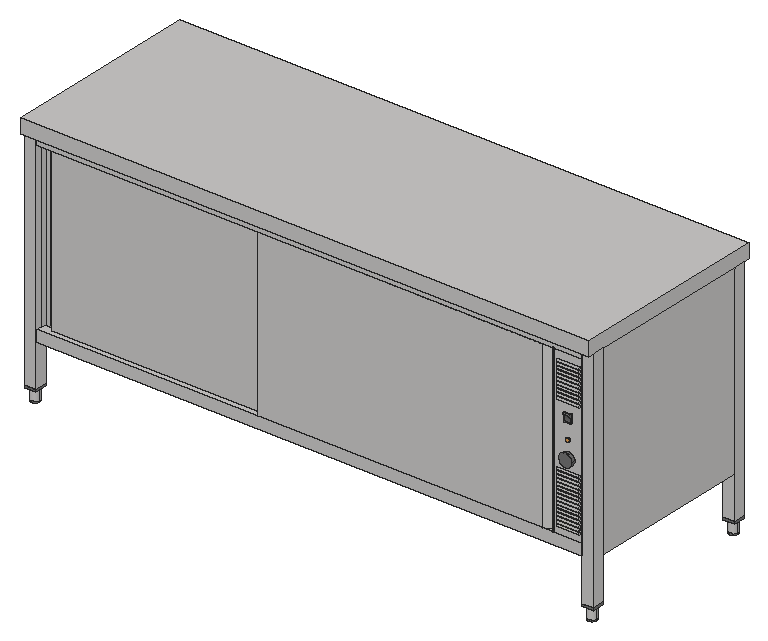
Revit family "QF_ELECTROLUXPROFESSIONAL_134049_GTC2000E", category Attrezzature speciali, Revit 2020
Family settings
  Quota connettore circolare = Usa diametro
  Tipo di parte = Normale
  Basato su piano di lavoro = No
  Sempre verticale = Sì
  Taglio con vuoti quando caricato = No
  Condiviso = No
  Punto di calcolo locali = No
Parameters (values of type "Standard")
  Weight = 108.00 kg
  Watts = 2530 W
  Volts = 220 V
  URL Manufacturer = "https://www.electroluxprofessional.com/"
  URL = "https://www.electroluxprofessional.com/"
  Steam Supply Size = 0 mm
  Steam Supply Minimum Pressure = 0.0 Pa
  Steam Supply Maximum Pressure = 0.0 Pa
  Steam Consumption per Hour = 0
  Refrigeration Suction Line Size = 0.0 mm
  Refrigeration Liquid Line Size = 0.0 mm
  Refrigerant Compressor Remote = yes
  Prospetto di default = 0.0 mm
  Produttore = "Electrolux Professional"
  Phase = 1
  Modello = "GTC2000E"
  Length Actual = 2000.0 mm  # constant formula
  Item Number = "134049"
  Hot Water Size = 0 mm
  Height Actual = 900.0 mm  # constant formula
  HP = "3.4 HP"
  Gas Size = 0 mm
  Gas KW = 0
  Gas Input Pressure = 0 W
  Direct Waste Size = 0 mm
  Descrizione = "HOT CUPBOARD 2000 MM"
  Depth Actual = 700.0 mm  # constant formula
  Cycle = 50 Hz
  Condensate Return Size = 0 mm
  Compressed Air Volume = 0.0 L/s
  Compressed Air Size = 0 mm
  Compressed Air Pressure = 0.0 Pa
  Cold Water Size = 0 mm
  Accessory = yes
Reference planes
  plane 1 "Center (Front/Back)": y = 0
  plane 2: z = 0
  plane 3 "Center (Left/Right)": x = -500
  plane 4 "LEFT": x = -1500
  plane 5 "RIGHT": x = 500
  plane 6 "BACK": y = 350
  plane 7 "FRONT": y = -350
  plane 8 "Base": z = 850
  plane 9 "TOP": z = 900
  plane 10: x = -1480
  plane 11: x = 480
  plane 12: y = 310
  plane 13: y = -310
  plane 14 "BodyLeft": x = -1500
  plane 15 "BodyFront": y = -330
  plane 16 "BodyRight": x = 500
  plane 17 "BodyBack": y = 330
  plane 18 "FEET": z = 200
  plane 19: x = -420
  plane 20: x = -680
  plane 21 "AxeSlideDoor": x = -550
  plane 22: x = 360
  plane 23: x = 410
  plane 24: y = -160
Forms (mm)
  Extrusion 1, solid, material "QF_Finishes_Stainless Steel"
    sketch origin (-500, 0, 0) x (0, 1, 0) y (0, 0, 1)
      loop
        line (-350, 850) -> (350, 850) -> (350, 900) -> (-350, 900) -> (-350, 850)
    from 1000 to -1000
  Extrusion 2, solid, material "QF_Finishes_Stainless Steel"
    sketch origin (0, 0, 200) x (-1, 0, 0) y (0, -1, 0)
      loop
        line (1500, -290) -> (1500, 290) -> (1460, 290) -> (1460, -290) -> (1500, -290)
      loop
        line (-460, -290) -> (-460, 290) -> (-500, 290) -> (-500, -290) -> (-460, -290)
    from 0 to 650
  Extrusion 3, solid, material "QF_Finishes_Stainless Steel"
    sketch origin (0, 0, 200) x (-1, 0, 0) y (0, -1, 0)
      loop
        line (1460, -290) -> (1460, 330) -> (-460, 330) -> (-460, -290) -> (1460, -290)
    from 0 to 40
  Extrusion 4, solid, material "QF_Finishes_Stainless Steel"
    sketch origin (0, 0, 200) x (-1, 0, 0) y (0, -1, 0)
      loop
        line (1460, -290) -> (-460, -290) -> (-460, -330) -> (1460, -330) -> (1460, -290)
    from 0 to 650
  Extrusion 5, solid, material "QF_Finishes_Stainless Steel"
    sketch origin (0, 0, 200) x (-1, 0, 0) y (0, -1, 0)
      loop
        line (-360, 330) -> (-360, 310) -> (680, 310) -> (680, 330) -> (-320, 330) -> (-340, 315) -> (-355, 315) -> (-355, 330) -> (-360, 330)
    from 40 to 620
  Extrusion 6, solid, material "QF_Finishes_Stainless Steel"
    sketch origin (0, 20, 200) x (1, 0, 0) y (0, 1, 0)
      loop
        line (-1460, -330) -> (-1455, -330) -> (-1455, -315) -> (-1440, -315) -> (-1420, -330) -> (-420, -330) -> (-420, -310) -> (-1460, -310) -> (-1460, -330)
    from 40 to 620
  Extrusion 7, solid, material "QF_Finishes_Stainless Steel"
    sketch origin (0, 0, 200) x (-1, 0, 0) y (0, -1, 0)
      loop
        line (1460, 290) -> (-460, 290) -> (-460, -290) -> (1460, -290) -> (1460, 290)
    from 350 to 390
  Extrusion 8, solid, material "QF_Finishes_Stainless Steel"
    sketch origin (0, 0, 200) x (-1, 0, 0) y (0, -1, 0)
      loop
        line (1460, 330) -> (-460, 330) -> (-460, -310) -> (1460, -310) -> (1460, 330)
    from 620 to 650
  Extrusion 9, solid, material "QF_Finishes_Stainless Steel"
    sketch origin (0, 0, 200) x (-1, 0, 0) y (0, -1, 0)
      loop
        circle (-410, 160) r 10
    from 0 to -5
Lines and regions (mm)
  symbolic lines
    curve 1: line (500, 350, 900) -> (-1500, 350, 900)
    curve 2: line (-1500, 350, 900) -> (-1500, -350, 900)
    curve 3: line (-1500, -350, 900) -> (500, -350, 900)
    curve 4: line (500, -350, 900) -> (500, 350, 900)
  symbolic lines, style "SpecialityEquipmentHiddenLines"
    curve 5: line (-1500, 330, 200) -> (500, 330, 200)
    curve 6: line (-1500, -330, 200) -> (-1500, 330, 200)
    curve 7: line (500, -330, 200) -> (-1500, -330, 200)
    curve 8: line (500, 330, 200) -> (500, -330, 200)
    curve 9: line (-1460, -290, 200) -> (-420, -290, 200)
    curve 10: line (-420, -290, 200) -> (-420, -310, 200)
    curve 11: line (-1460, -310, 200) -> (360, -310, 200)
    curve 12: line (360, -310, 200) -> (360, -330, 200)
    curve 13: line (-680, -310, 200) -> (-680, -330, 200)
    curve 14: line (-1460, -290, 200) -> (-1460, -310, 200)
Dimensions and locks
  plane 4 "LEFT" to plane 5 "RIGHT" = 2000.0 mm
  equal spacing: plane 4 "LEFT", plane 3 "Center (Left/Right)", plane 5 "RIGHT"
  locked: plane 8 "Base" to level at 850
  plane 9 "TOP" to level = 900.0 mm
  plane 6 "BACK" to plane 7 "FRONT" = 700.0 mm
  equal spacing: plane 6 "BACK", plane 1 "Center (Front/Back)", plane 7 "FRONT"
  locked: plane 4 "LEFT" to plane 14 "BodyLeft"
  locked: plane 16 "BodyRight" to plane 5 "RIGHT"
  locked: plane 15 "BodyFront" to plane 7 "FRONT" at 20
  locked: plane 6 "BACK" to plane 17 "BodyBack" at 20
  locked: plane 14 "BodyLeft" to plane 10 at 20
  locked: plane 11 to plane 16 "BodyRight" at 20
  locked: plane 13 to plane 15 "BodyFront" at 20
  locked: plane 17 "BodyBack" to plane 12 at 20
  plane 10 to plane 11 = 1960.0 mm
  plane 12 to plane 13 = 620.0 mm
  locked: plane 14 "BodyLeft" to Extrusion 2 sketch curve at 40
  Extrusion 2 sketch curve to Extrusion 2 sketch curve = 40.0 mm
  locked: plane 18 "FEET" to plane 2 at 200
  plane 22 to plane 5 "RIGHT" = 140.0 mm
  equal spacing: Extrusion 2, plane 21 "AxeSlideDoor", plane 22
  locked: plane 20 to plane 21 "AxeSlideDoor" at 130
  locked: plane 21 "AxeSlideDoor" to plane 19 at 130
  plane 24 to plane 7 "FRONT" = 190.0 mm
  plane 23 to plane 16 "BodyRight" = 90.0 mm
  aligned and locked: level to plane 2
  aligned and locked: plane 10 to nested 1
  aligned and locked: nested 1 to plane 13
  aligned and locked: plane 11 to nested 2
  aligned and locked: nested 2 to plane 13
  aligned and locked: plane 11 to nested 4
  aligned and locked: nested 4 to plane 12
  aligned and locked: plane 10 to nested 3
  aligned and locked: nested 3 to plane 12
  aligned and locked: Extrusion 1 to plane 4 "LEFT"
  aligned and locked: plane 5 "RIGHT" to Extrusion 1
  aligned and locked: curve 2 to plane 4 "LEFT"
  aligned and locked: Extrusion 2 sketch curve to plane 14 "BodyLeft"
  aligned and locked: plane 16 "BodyRight" to Extrusion 2 sketch curve
  aligned and locked: plane 8 "Base" to Extrusion 2
  aligned and locked: Extrusion 5 to Extrusion 3
  aligned and locked: Extrusion 6 sketch curve to plane 19
  aligned and locked: Extrusion 5 sketch curve to plane 20
  aligned and locked: Extrusion 1 to plane 8 "Base"
  aligned and locked: plane 9 "TOP" to Extrusion 1
  aligned and locked: curve 5 to plane 17 "BodyBack"
  aligned and locked: plane 14 "BodyLeft" to curve 6
  aligned and locked: plane 15 "BodyFront" to curve 7
  aligned and locked: plane 16 "BodyRight" to curve 8
  aligned and locked: Extrusion 3 sketch curve to Extrusion 2  (x2)
  aligned and locked: Extrusion 2 to Extrusion 4 sketch curve  (x2)
  aligned and locked: curve 7 to Extrusion 3 sketch curve
  aligned and locked: Extrusion 3 sketch curve to Extrusion 4
  aligned and locked: Extrusion 4 to plane 18 "FEET"
  aligned and locked: plane 22 to Extrusion 5 sketch curve
  aligned and locked: nested 5 to Extrusion 2
  aligned and locked: nested 5 to Extrusion 3
  aligned and locked: Extrusion 8 sketch curve to plane 15 "BodyFront"
  aligned and locked: plane 12 to Extrusion 8 sketch curve
  aligned and locked: curve 12 to plane 22
Automatic sketch dimensions
  curve 3 to plane 5 "RIGHT" = 0.0 mm
  curve 3 to plane 7 "FRONT" = 0.0 mm
  curve 2 to plane 6 "BACK" = 0.0 mm
  Extrusion 1 sketch curve to plane 7 "FRONT" = 0.0 mm
  Extrusion 1 sketch curve to plane 6 "BACK" = 0.0 mm
  Extrusion 1 sketch curve to plane 8 "Base" = 0.0 mm
  Extrusion 1 sketch curve to plane 9 "TOP" = 0.0 mm
  Extrusion 2 sketch curve to plane 12 = 20.0 mm  (x2)
  plane 13 to Extrusion 2 sketch curve = 20.0 mm  (x2)
  Extrusion 4 sketch curve to plane 17 "BodyBack" = 0.0 mm
  Extrusion 4 sketch curve to plane 12 = 20.0 mm
  Extrusion 5 sketch curve to plane 15 "BodyFront" = 0.0 mm  (x2)
  Extrusion 5 sketch curve to plane 13 = 0.0 mm
  Extrusion 5 sketch curve to plane 22 = 5.0 mm
  Extrusion 5 sketch curve to plane 13 = 5.0 mm
  Extrusion 5 sketch curve to Extrusion 5 sketch curve = 15.0 mm
  Extrusion 5 sketch curve to Extrusion 5 sketch curve = 20.0 mm
  Extrusion 6 sketch curve to plane 13 = 0.0 mm  (x2)
  Extrusion 6 sketch curve to plane 10 = 60.0 mm
  Extrusion 6 sketch curve to plane 13 = 15.0 mm
  Extrusion 6 sketch curve to Extrusion 6 sketch curve = 20.0 mm  (x2)
  Extrusion 6 sketch curve to Extrusion 6 sketch curve = 15.0 mm
  Extrusion 6 sketch curve to Extrusion 6 sketch curve = 5.0 mm
  curve 11 to plane 13 = 0.0 mm
  curve 10 to plane 19 = 0.0 mm
  curve 13 to plane 20 = 0.0 mm
  plane 10 to curve 11 = 20.0 mm
  plane 13 to curve 9 = 20.0 mm
  Extrusion 7 sketch curve to plane 11 = 20.0 mm
  plane 10 to Extrusion 7 sketch curve = 20.0 mm
  Extrusion 7 sketch curve to plane 12 = 20.0 mm
  plane 13 to Extrusion 7 sketch curve = 20.0 mm
  Extrusion 8 sketch curve to plane 11 = 20.0 mm
  plane 10 to Extrusion 8 sketch curve = 20.0 mm
  Extrusion 9 sketch curve to plane 23 = 0.0 mm
  Extrusion 9 sketch curve to plane 24 = 0.0 mm
  radius of Extrusion 9 sketch curve = 10.0 mm
Nested families
  nested 1: "FEET_40x40_APP50" at (-1480, -310, 0), type "FEET_40x40_APP50"
  nested 2: "FEET_40x40_APP50" at (480, -310, 0), type "FEET_40x40_APP50"
  nested 3: "FEET_40x40_APP50" at (-1480, 310, 0), type "FEET_40x40_APP50"
  nested 4: "FEET_40x40_APP50" at (480, 310, 0), type "FEET_40x40_APP50"
  nested 5: "WT_PNL100x580" at (546.92, -290, 605) x (1, 0, 0) z (0, -1, 0), type "WT_PNL100x580"
    with Show Logo yes
Connectors
  electrical at (410, -160, 195)
    settings: on Extrusion 9, index 1, voltage 0 V, apparent load 0 VA, apparent load phase1 0 VA, apparent load phase2 0 VA, apparent load phase3 0 VA, power factor 1, load classification "Other", number of poles 1, system type 30, power factor state 1, is connector primary yes, connector utility no, sub classification motor no, connector description "Electrical connection"
Definition of nested family "FEET_40x40_APP50"
  Parameters
    Default Elevation = 0.0 mm
    FEET = 850.0 mm
  Reference planes
    plane 1 "Center (Front/Back)": y = 0
    plane 2: z = 0
    plane 3 "Center (Left/Right)": x = 0
    plane 4: z = 850
  Forms (mm)
    Extrusion 1, solid
      sketch origin (0, 0, 0) x (1, 0, 0) y (0, 1, 0)
        loop
          line (-20, -20) -> (20, -20) -> (20, 20) -> (-20, 20) -> (-20, -20)
      from 50 to 850
    Extrusion 2, solid
      sketch origin (0, 0, 0) x (1, 0, 0) y (0, 1, 0)
        loop
          circle (0, 0) r 15
      from 0 to 5
    Extrusion 3, solid
      sketch origin (0, 0, 0) x (1, 0, 0) y (0, 1, 0)
        loop
          line (-20, -20) -> (20, -20) -> (20, 20) -> (-20, 20) -> (-20, -20)
      from 50 to 42
    Extrusion 4, solid
      sketch origin (0, 0, 0) x (1, 0, 0) y (0, 1, 0)
        loop
          circle (0, 0) r 15
      from 5 to 42
  Lines and regions (mm)
    symbolic lines
      curve 1: line (0, -1.503, 0) -> (0, 1.508, 0)
      curve 2: line (1.561, 0, 0) -> (-1.439, 0, 0)
  Dimensions and locks
    "FEET": plane 4 to plane 2
    aligned and locked: level to plane 2
  Automatic sketch dimensions
    plane 1 "Center (Front/Back)" to curve 2 = 0.0 mm
    curve 1 to plane 3 "Center (Left/Right)" = 0.0 mm
    curve 2 to plane 3 "Center (Left/Right)" = 1.439 mm
    plane 3 "Center (Left/Right)" to curve 2 = 1.561 mm
    plane 1 "Center (Front/Back)" to curve 1 = 1.503 mm
    curve 1 to plane 1 "Center (Front/Back)" = 1.508 mm
    Extrusion 1 sketch curve to plane 3 "Center (Left/Right)" = 20.0 mm
    plane 3 "Center (Left/Right)" to Extrusion 1 sketch curve = 20.0 mm
    plane 1 "Center (Front/Back)" to Extrusion 1 sketch curve = 20.0 mm
    Extrusion 1 sketch curve to plane 1 "Center (Front/Back)" = 20.0 mm
    plane 1 "Center (Front/Back)" to Extrusion 2 sketch curve = 0.0 mm
    Extrusion 2 sketch curve to plane 3 "Center (Left/Right)" = 0.0 mm
    Extrusion 3 sketch curve to plane 3 "Center (Left/Right)" = 20.0 mm
    plane 3 "Center (Left/Right)" to Extrusion 3 sketch curve = 20.0 mm
    plane 1 "Center (Front/Back)" to Extrusion 3 sketch curve = 20.0 mm
    Extrusion 3 sketch curve to plane 1 "Center (Front/Back)" = 20.0 mm
    plane 1 "Center (Front/Back)" to Extrusion 4 sketch curve = 0.0 mm
    Extrusion 4 sketch curve to plane 3 "Center (Left/Right)" = 0.0 mm
    radius of Extrusion 2 sketch curve = 15.0 mm
    radius of Extrusion 4 sketch curve = 15.0 mm
Definition of nested family "WT_PNL100x580"
  Parameters
    Show Logo [instance] = yes
    Default Elevation = 1219.2 mm
  Reference planes
    plane 1 "Center (Front/Back)": y = -75
    plane 2: z = 0
    plane 3 "Center (Left/Right)": x = -136.92
    plane 4: x = -186.92
    plane 5: x = -86.92
    plane 6 "TOP": z = 40
  Forms (mm)
    Extrusion 1, solid
      sketch origin (0, 0, 0) x (1, 0, 0) y (0, 1, 0)
        loop
          line (-1219.2, 1219.2) -> (-1219.2, -1219.2) -> (1219.2, -1219.2) -> (1219.2, 1219.2) -> (-1219.2, 1219.2)
      from 0 to -304.8
    Extrusion 2, solid
      sketch origin (0, 35, 0) x (1, 0, 0) y (0, 1, 0)
        loop
          line (-186.92, 180) -> (-186.92, -400) -> (-86.92, -400) -> (-86.92, 180) -> (-186.92, 180)
      from 0 to 40
    Extrusion 3, solid
      sketch origin (0, 35, 40) x (-1, 0, 0) y (0, -1, 0)
        loop
          circle (136.92, 151.711) r 22.964
      from 0 to 11.071
    Extrusion 4, solid
      sketch origin (-136.92, 35, 0) x (0, 1, 0) y (0, 0, 1)
        loop
          line (95.896, 40) -> (104.899, 40) -> (95.896, 41.206) -> (95.896, 40)
        loop
          line (107.896, 40) -> (116.899, 40) -> (107.896, 41.206) -> (107.896, 40)
        loop
          line (119.896, 40) -> (128.899, 40) -> (119.896, 41.206) -> (119.896, 40)
        loop
          line (131.896, 40) -> (140.899, 40) -> (131.896, 41.206) -> (131.896, 40)
        loop
          line (143.896, 40) -> (152.899, 40) -> (143.896, 41.206) -> (143.896, 40)
        loop
          line (-246.104, 40) -> (-237.101, 40) -> (-246.104, 41.206) -> (-246.104, 40)
        loop
          line (-234.104, 40) -> (-225.101, 40) -> (-234.104, 41.206) -> (-234.104, 40)
        loop
          line (-222.104, 40) -> (-213.101, 40) -> (-222.104, 41.206) -> (-222.104, 40)
        loop
          line (-210.104, 40) -> (-201.101, 40) -> (-210.104, 41.206) -> (-210.104, 40)
        loop
          line (-198.104, 40) -> (-189.101, 40) -> (-198.104, 41.206) -> (-198.104, 40)
        loop
          line (-318.104, 40) -> (-309.101, 40) -> (-318.104, 41.206) -> (-318.104, 40)
        loop
          line (-306.104, 40) -> (-297.101, 40) -> (-306.104, 41.206) -> (-306.104, 40)
        loop
          line (-294.104, 40) -> (-285.101, 40) -> (-294.104, 41.206) -> (-294.104, 40)
        loop
          line (-282.104, 40) -> (-273.101, 40) -> (-282.104, 41.206) -> (-282.104, 40)
        loop
          line (-270.104, 40) -> (-261.101, 40) -> (-270.104, 41.206) -> (-270.104, 40)
        loop
          line (-258.104, 40) -> (-249.101, 40) -> (-258.104, 41.206) -> (-258.104, 40)
        loop
          line (-366.104, 40) -> (-357.101, 40) -> (-366.104, 41.206) -> (-366.104, 40)
        loop
          line (-354.104, 40) -> (-345.101, 40) -> (-354.104, 41.206) -> (-354.104, 40)
        loop
          line (-342.104, 40) -> (-333.101, 40) -> (-342.104, 41.206) -> (-342.104, 40)
        loop
          line (-330.104, 40) -> (-321.101, 40) -> (-330.104, 41.206) -> (-330.104, 40)
        loop
          line (-378.104, 40) -> (-369.101, 40) -> (-378.104, 41.206) -> (-378.104, 40)
        loop
          line (23.896, 40) -> (32.899, 40) -> (23.896, 41.206) -> (23.896, 40)
        loop
          line (35.896, 40) -> (44.899, 40) -> (35.896, 41.206) -> (35.896, 40)
        loop
          line (47.896, 40) -> (56.899, 40) -> (47.896, 41.206) -> (47.896, 40)
        loop
          line (59.896, 40) -> (68.899, 40) -> (59.896, 41.206) -> (59.896, 40)
        loop
          line (71.896, 40) -> (80.899, 40) -> (71.896, 41.206) -> (71.896, 40)
        loop
          line (83.896, 40) -> (92.899, 40) -> (83.896, 41.206) -> (83.896, 40)
      from -40 to 40
    Extrusion 5, solid
      sketch origin (0, -5, 40) x (-1, 0, 0) y (0, -1, 0)
        loop
          line (123.92, -32.89) -> (149.92, -32.89) -> (149.92, -1.89) -> (123.92, -1.89) -> (123.92, -32.89)
        loop
          line (148.92, -31.89) -> (148.92, -2.89) -> (124.92, -2.89) -> (124.92, -31.89) -> (148.92, -31.89)
      from 0 to 1.6
    Extrusion 6, solid
      sketch origin (0, 95, 40) x (-1, 0, 0) y (0, -1, 0)
        loop
          circle (136.92, 151.711) r 7
      from 0 to 1.6
    Extrusion 7, solid
      sketch origin (-136.92, 35, 0) x (0, 1, 0) y (0, 0, 1)
        loop
          line (-37.11, 38) -> (-8.11, 38) -> (-8.11, 41.206)
          arc (-8.11, 41.206) -> (-8.756, 45.488) -> (-10.639, 49.389) r 14.5
          arc (-10.639, 49.389) -> (-23.172, 43.026) -> (-37.11, 41.206) r 41.552
          line (-37.11, 41.206) -> (-37.11, 38)
      from -12 to 12
  Dimensions and locks
    equal spacing: plane 4, plane 3 "Center (Left/Right)", plane 5
    plane 6 "TOP" to level = 40.0 mm
    Extrusion 2 to Extrusion 2 = 580.0 mm
    plane 4 to plane 5 = 100.0 mm
    aligned and locked: plane 2 to Extrusion 1
    aligned and locked: level to Extrusion 1
  Automatic sketch dimensions
    Extrusion 1 sketch curve to Extrusion 1 sketch curve = 2438.4 mm  (x2)
    Extrusion 2 sketch curve to plane 4 = 0.0 mm
    Extrusion 2 sketch curve to plane 5 = 0.0 mm
    Extrusion 3 sketch curve to plane 3 "Center (Left/Right)" = 0.0 mm
    plane 1 "Center (Front/Back)" to Extrusion 3 sketch curve = 41.711 mm
    plane 3 "Center (Left/Right)" to Extrusion 5 sketch curve = 13.0 mm
    Extrusion 5 sketch curve to plane 3 "Center (Left/Right)" = 13.0 mm
    Extrusion 5 sketch curve to plane 1 "Center (Front/Back)" = 102.89 mm
    Extrusion 5 sketch curve to Extrusion 5 sketch curve = 31.0 mm
    Extrusion 6 sketch curve to plane 3 "Center (Left/Right)" = 0.0 mm
    Extrusion 6 sketch curve to plane 1 "Center (Front/Back)" = 18.289 mm
    Extrusion 4 sketch curve to plane 6 "TOP" = 0.0 mm  (x27)
    Extrusion 4 sketch curve to Extrusion 4 sketch curve = 9.003 mm  (x27)
    Extrusion 4 sketch curve to Extrusion 4 sketch curve = 2.997 mm  (x25)
    plane 6 "TOP" to Extrusion 4 sketch curve = 1.206 mm  (x27)
    Extrusion 4 sketch curve to plane 1 "Center (Front/Back)" = 133.896 mm
    Extrusion 5 sketch curve to Extrusion 5 sketch curve = 1.0 mm  (x4)
    Extrusion 7 sketch curve to plane 6 "TOP" = 2.0 mm
    Extrusion 7 sketch curve to plane 1 "Center (Front/Back)" = 72.89 mm
    Extrusion 7 sketch curve to plane 1 "Center (Front/Back)" = 74.556 mm
    plane 6 "TOP" to Extrusion 7 sketch curve = 1.206 mm  (x2)
    Extrusion 7 sketch curve to Extrusion 7 sketch curve = 14.5 mm  (x2)
    Extrusion 7 sketch curve to Extrusion 7 sketch curve = 2.529 mm
    Extrusion 2 sketch curve to plane 1 "Center (Front/Back)" = 290.0 mm
    plane 1 "Center (Front/Back)" to Extrusion 2 sketch curve = 290.0 mm
    plane 1 "Center (Front/Back)" to Extrusion 4 sketch curve = 79.101 mm
    radius of Extrusion 3 sketch curve = 22.964 mm
    radius of Extrusion 6 sketch curve = 7.0 mm
